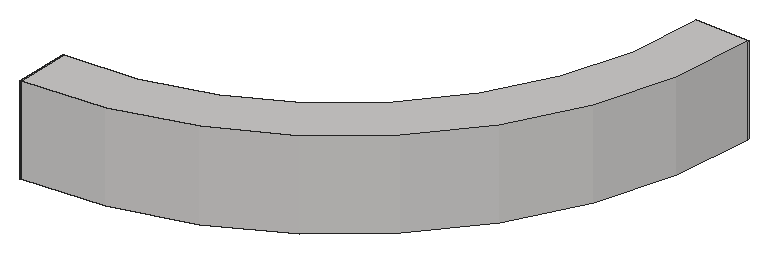
Revit family "S4R_OBO BETTERMANN_CableTray_Bend_Vertical_Inside_RGBV FS", category Cable Tray Fittings, Revit 2012
Parameters
  Wholesaler art.no. = ""
  Wholesaler = ""
  Watermarked By = "www.stabiplan.com"
  WIDTH2 [instance] = WIDTH1  # 100 mm
  WIDTH1 [instance] = 100 mm
  VERSION = "91900"  # constant formula
  URL = "www.stabiplan.com"
  built-in parameter 1140111 [instance] = 2.6 mm
  TYPE [instance] = "RGBV FS"  # constant formula
  StabiCAD_PM = ""
  Safe_Half_Height2 [instance] = if(not([built-in parameter 1140115] > Half_Height2), [built-in parameter 1140115] - 0.2 mm, Half_Height2)  # 30 mm
  Safe_Half_Height1 [instance] = if(not([built-in parameter 1140115] > Half_Height1), [built-in parameter 1140115] - 0.2 mm, Half_Height1)  # 30 mm
  Manufacturer = "OBO BETTERMANN"  # constant formula
  Lmin [instance] = if(LENGTH1 > LENGTH2, LENGTH2, LENGTH1) - 1 mm  # 429 mm
  PRODUCTLINE [instance] = "OBO BETTERMANN CableTrays"  # constant formula
  LENGTH2 [instance] = if(and(WIDTH1 = 100 mm, HEIGHT1 = 60 mm, ANGLE2 = 90.00°), 430 mm, if(and(WIDTH1 = 150 mm, HEIGHT1 = 60 mm, ANGLE2 = 90.00°), 430 mm, if(and(WIDTH1 = 200 mm, HEIGHT1 = 60 mm, ANGLE2 = 90.00°), 430 mm, if(and(WIDTH1 = 300 mm, HEIGHT1 = 60 mm, ANGLE2 = 90.00°), 430 mm, if(and(WIDTH1 = 400 mm, HEIGHT1 = 60 mm, ANGLE2 = 90.00°), 430 mm, if(and(WIDTH1 = 500 mm, HEIGHT1 = 60 mm, ANGLE2 = 90.00°), 430 mm, if(and(WIDTH1 = 600 mm, HEIGHT1 = 60 mm, ANGLE2 = 90.00°), 430 mm, if(and(WIDTH1 = 100 mm, HEIGHT1 = 85 mm, ANGLE2 = 90.00°), 442.5 mm, if(and(WIDTH1 = 150 mm, HEIGHT1 = 85 mm, ANGLE2 = 90.00°), 442.5 mm, if(and(WIDTH1 = 200 mm, HEIGHT1 = 85 mm, ANGLE2 = 90.00°), 442.5 mm, if(and(WIDTH1 = 300 mm, HEIGHT1 = 85 mm, ANGLE2 = 90.00°), 442.5 mm, if(and(WIDTH1 = 400 mm, HEIGHT1 = 85 mm, ANGLE2 = 90.00°), 442.5 mm, if(and(WIDTH1 = 500 mm, HEIGHT1 = 85 mm, ANGLE2 = 90.00°), 442.5 mm, if(and(WIDTH1 = 600 mm, HEIGHT1 = 85 mm, ANGLE2 = 90.00°), 442.5 mm, if(and(WIDTH1 = 100 mm, HEIGHT1 = 110 mm, ANGLE2 = 90.00°), 455 mm, if(and(WIDTH1 = 150 mm, HEIGHT1 = 110 mm, ANGLE2 = 90.00°), 455 mm, if(and(WIDTH1 = 200 mm, HEIGHT1 = 110 mm, ANGLE2 = 90.00°), 455 mm, if(and(WIDTH1 = 300 mm, HEIGHT1 = 110 mm, ANGLE2 = 90.00°), 455 mm, if(and(WIDTH1 = 400 mm, HEIGHT1 = 110 mm, ANGLE2 = 90.00°), 455 mm, if(and(WIDTH1 = 500 mm, HEIGHT1 = 110 mm, ANGLE2 = 90.00°), 455 mm, if(and(WIDTH1 = 600 mm, HEIGHT1 = 110 mm, ANGLE2 = 90.00°), 455 mm, if(and(WIDTH1 = 550 mm, HEIGHT1 = 110 mm, ANGLE2 = 90.00°), 455 mm, WIDTH1))))))))))))))))))))))  # 430 mm
  LENGTH1 [instance] = if(and(WIDTH1 = 100 mm, HEIGHT1 = 60 mm, ANGLE2 = 90.00°), 430 mm, if(and(WIDTH1 = 150 mm, HEIGHT1 = 60 mm, ANGLE2 = 90.00°), 430 mm, if(and(WIDTH1 = 200 mm, HEIGHT1 = 60 mm, ANGLE2 = 90.00°), 430 mm, if(and(WIDTH1 = 300 mm, HEIGHT1 = 60 mm, ANGLE2 = 90.00°), 430 mm, if(and(WIDTH1 = 400 mm, HEIGHT1 = 60 mm, ANGLE2 = 90.00°), 430 mm, if(and(WIDTH1 = 500 mm, HEIGHT1 = 60 mm, ANGLE2 = 90.00°), 430 mm, if(and(WIDTH1 = 600 mm, HEIGHT1 = 60 mm, ANGLE2 = 90.00°), 430 mm, if(and(WIDTH1 = 100 mm, HEIGHT1 = 85 mm, ANGLE2 = 90.00°), 442.5 mm, if(and(WIDTH1 = 150 mm, HEIGHT1 = 85 mm, ANGLE2 = 90.00°), 442.5 mm, if(and(WIDTH1 = 200 mm, HEIGHT1 = 85 mm, ANGLE2 = 90.00°), 442.5 mm, if(and(WIDTH1 = 300 mm, HEIGHT1 = 85 mm, ANGLE2 = 90.00°), 442.5 mm, if(and(WIDTH1 = 400 mm, HEIGHT1 = 85 mm, ANGLE2 = 90.00°), 442.5 mm, if(and(WIDTH1 = 500 mm, HEIGHT1 = 85 mm, ANGLE2 = 90.00°), 442.5 mm, if(and(WIDTH1 = 600 mm, HEIGHT1 = 85 mm, ANGLE2 = 90.00°), 442.5 mm, if(and(WIDTH1 = 100 mm, HEIGHT1 = 110 mm, ANGLE2 = 90.00°), 455 mm, if(and(WIDTH1 = 150 mm, HEIGHT1 = 110 mm, ANGLE2 = 90.00°), 455 mm, if(and(WIDTH1 = 200 mm, HEIGHT1 = 110 mm, ANGLE2 = 90.00°), 455 mm, if(and(WIDTH1 = 300 mm, HEIGHT1 = 110 mm, ANGLE2 = 90.00°), 455 mm, if(and(WIDTH1 = 400 mm, HEIGHT1 = 110 mm, ANGLE2 = 90.00°), 455 mm, if(and(WIDTH1 = 500 mm, HEIGHT1 = 110 mm, ANGLE2 = 90.00°), 455 mm, if(and(WIDTH1 = 600 mm, HEIGHT1 = 110 mm, ANGLE2 = 90.00°), 455 mm, if(and(WIDTH1 = 550 mm, HEIGHT1 = 110 mm, ANGLE2 = 90.00°), 455 mm, WIDTH1))))))))))))))))))))))  # 430 mm
  L2_Tail [instance] = 1 mm  # constant formula
  L1_Tail [instance] = 1 mm  # constant formula
  Internal art.no. = ""
  ISCUSTOM [instance] = if(and(WIDTH1 = 100 mm, HEIGHT1 = 60 mm, ANGLE2 = 90.00°), 1 = 0, if(and(WIDTH1 = 150 mm, HEIGHT1 = 60 mm, ANGLE2 = 90.00°), 1 = 0, if(and(WIDTH1 = 200 mm, HEIGHT1 = 60 mm, ANGLE2 = 90.00°), 1 = 0, if(and(WIDTH1 = 300 mm, HEIGHT1 = 60 mm, ANGLE2 = 90.00°), 1 = 0, if(and(WIDTH1 = 400 mm, HEIGHT1 = 60 mm, ANGLE2 = 90.00°), 1 = 0, if(and(WIDTH1 = 500 mm, HEIGHT1 = 60 mm, ANGLE2 = 90.00°), 1 = 0, if(and(WIDTH1 = 600 mm, HEIGHT1 = 60 mm, ANGLE2 = 90.00°), 1 = 0, if(and(WIDTH1 = 100 mm, HEIGHT1 = 85 mm, ANGLE2 = 90.00°), 1 = 0, if(and(WIDTH1 = 150 mm, HEIGHT1 = 85 mm, ANGLE2 = 90.00°), 1 = 0, if(and(WIDTH1 = 200 mm, HEIGHT1 = 85 mm, ANGLE2 = 90.00°), 1 = 0, if(and(WIDTH1 = 300 mm, HEIGHT1 = 85 mm, ANGLE2 = 90.00°), 1 = 0, if(and(WIDTH1 = 400 mm, HEIGHT1 = 85 mm, ANGLE2 = 90.00°), 1 = 0, if(and(WIDTH1 = 500 mm, HEIGHT1 = 85 mm, ANGLE2 = 90.00°), 1 = 0, if(and(WIDTH1 = 600 mm, HEIGHT1 = 85 mm, ANGLE2 = 90.00°), 1 = 0, if(and(WIDTH1 = 100 mm, HEIGHT1 = 110 mm, ANGLE2 = 90.00°), 1 = 0, if(and(WIDTH1 = 150 mm, HEIGHT1 = 110 mm, ANGLE2 = 90.00°), 1 = 0, if(and(WIDTH1 = 200 mm, HEIGHT1 = 110 mm, ANGLE2 = 90.00°), 1 = 0, if(and(WIDTH1 = 300 mm, HEIGHT1 = 110 mm, ANGLE2 = 90.00°), 1 = 0, if(and(WIDTH1 = 400 mm, HEIGHT1 = 110 mm, ANGLE2 = 90.00°), 1 = 0, if(and(WIDTH1 = 500 mm, HEIGHT1 = 110 mm, ANGLE2 = 90.00°), 1 = 0, if(and(WIDTH1 = 600 mm, HEIGHT1 = 110 mm, ANGLE2 = 90.00°), 1 = 0, if(and(WIDTH1 = 550 mm, HEIGHT1 = 110 mm, ANGLE2 = 90.00°), 1 = 0, 1 = 1))))))))))))))))))))))  # no
  IFCExportType = ""
  IFCExportAs = ""
  Half_Height1 [instance] = HEIGHT1 / 2  # 30 mm
  Half_Height2 [instance] = HEIGHT2 / 2  # 30 mm
  HEIGHT2 [instance] = HEIGHT1  # 60 mm
  HEIGHT1 [instance] = 60 mm
  GTINNUMBER [instance] = if(and(WIDTH1 = 100 mm, HEIGHT1 = 60 mm, ANGLE2 = 90.00°), "4012196217878", if(and(WIDTH1 = 150 mm, HEIGHT1 = 60 mm, ANGLE2 = 90.00°), "4012196500352", if(and(WIDTH1 = 200 mm, HEIGHT1 = 60 mm, ANGLE2 = 90.00°), "4012196217939", if(and(WIDTH1 = 300 mm, HEIGHT1 = 60 mm, ANGLE2 = 90.00°), "4012196217991", if(and(WIDTH1 = 400 mm, HEIGHT1 = 60 mm, ANGLE2 = 90.00°), "4012196218059", if(and(WIDTH1 = 500 mm, HEIGHT1 = 60 mm, ANGLE2 = 90.00°), "4012196218110", if(and(WIDTH1 = 600 mm, HEIGHT1 = 60 mm, ANGLE2 = 90.00°), "4012196218172", if(and(WIDTH1 = 100 mm, HEIGHT1 = 85 mm, ANGLE2 = 90.00°), "4012196218233", if(and(WIDTH1 = 150 mm, HEIGHT1 = 85 mm, ANGLE2 = 90.00°), "4012195995920", if(and(WIDTH1 = 200 mm, HEIGHT1 = 85 mm, ANGLE2 = 90.00°), "4012196218295", if(and(WIDTH1 = 300 mm, HEIGHT1 = 85 mm, ANGLE2 = 90.00°), "4012196218356", if(and(WIDTH1 = 400 mm, HEIGHT1 = 85 mm, ANGLE2 = 90.00°), "4012196218417", if(and(WIDTH1 = 500 mm, HEIGHT1 = 85 mm, ANGLE2 = 90.00°), "4012196218479", if(and(WIDTH1 = 600 mm, HEIGHT1 = 85 mm, ANGLE2 = 90.00°), "4012196218530", if(and(WIDTH1 = 100 mm, HEIGHT1 = 110 mm, ANGLE2 = 90.00°), "4012196218592", if(and(WIDTH1 = 150 mm, HEIGHT1 = 110 mm, ANGLE2 = 90.00°), "4012195995852", if(and(WIDTH1 = 200 mm, HEIGHT1 = 110 mm, ANGLE2 = 90.00°), "4012196218653", if(and(WIDTH1 = 300 mm, HEIGHT1 = 110 mm, ANGLE2 = 90.00°), "4012196218714", if(and(WIDTH1 = 400 mm, HEIGHT1 = 110 mm, ANGLE2 = 90.00°), "4012196218776", if(and(WIDTH1 = 500 mm, HEIGHT1 = 110 mm, ANGLE2 = 90.00°), "4012196218837", if(and(WIDTH1 = 600 mm, HEIGHT1 = 110 mm, ANGLE2 = 90.00°), "4012195995869", if(and(WIDTH1 = 550 mm, HEIGHT1 = 110 mm, ANGLE2 = 90.00°), "4012196218899", "Unknown"))))))))))))))))))))))  # "4012196217878"
  ETIM article class = ""
  Description = "Vertical CableTray Bend Inside"
  DEEPLINK = "http://catalog1.obo-bettermann.com/catalogue/catalogue.do?forward=showProductGroup&act=showIO&favOid=kts_6176&action=showManyProducts&lang=de&OID=kts_6176&catId="
  Copyright = "© Stabiplan BV / Stabiplan International BV"  # constant formula
  CT2 [instance] = 1
  CT1 [instance] = 1
  BodyColor = Steel
  built-in parameter 1140115 [instance] = Lmin / tan(ANGLE2 / 2)  # 429 mm
  ARTICLENUMBER [instance] = if(and(WIDTH1 = 100 mm, HEIGHT1 = 60 mm, ANGLE2 = 90.00°), "7006322", if(and(WIDTH1 = 150 mm, HEIGHT1 = 60 mm, ANGLE2 = 90.00°), "7006330", if(and(WIDTH1 = 200 mm, HEIGHT1 = 60 mm, ANGLE2 = 90.00°), "7006349", if(and(WIDTH1 = 300 mm, HEIGHT1 = 60 mm, ANGLE2 = 90.00°), "7006365", if(and(WIDTH1 = 400 mm, HEIGHT1 = 60 mm, ANGLE2 = 90.00°), "7006381", if(and(WIDTH1 = 500 mm, HEIGHT1 = 60 mm, ANGLE2 = 90.00°), "7006411", if(and(WIDTH1 = 600 mm, HEIGHT1 = 60 mm, ANGLE2 = 90.00°), "7006446", if(and(WIDTH1 = 100 mm, HEIGHT1 = 85 mm, ANGLE2 = 90.00°), "7006462", if(and(WIDTH1 = 150 mm, HEIGHT1 = 85 mm, ANGLE2 = 90.00°), "7006470", if(and(WIDTH1 = 200 mm, HEIGHT1 = 85 mm, ANGLE2 = 90.00°), "7006489", if(and(WIDTH1 = 300 mm, HEIGHT1 = 85 mm, ANGLE2 = 90.00°), "7006500", if(and(WIDTH1 = 400 mm, HEIGHT1 = 85 mm, ANGLE2 = 90.00°), "7006527", if(and(WIDTH1 = 500 mm, HEIGHT1 = 85 mm, ANGLE2 = 90.00°), "7006543", if(and(WIDTH1 = 600 mm, HEIGHT1 = 85 mm, ANGLE2 = 90.00°), "7006578", if(and(WIDTH1 = 100 mm, HEIGHT1 = 110 mm, ANGLE2 = 90.00°), "7006624", if(and(WIDTH1 = 150 mm, HEIGHT1 = 110 mm, ANGLE2 = 90.00°), "7006632", if(and(WIDTH1 = 200 mm, HEIGHT1 = 110 mm, ANGLE2 = 90.00°), "7006640", if(and(WIDTH1 = 300 mm, HEIGHT1 = 110 mm, ANGLE2 = 90.00°), "7006667", if(and(WIDTH1 = 400 mm, HEIGHT1 = 110 mm, ANGLE2 = 90.00°), "7006683", if(and(WIDTH1 = 500 mm, HEIGHT1 = 110 mm, ANGLE2 = 90.00°), "7006705", if(and(WIDTH1 = 600 mm, HEIGHT1 = 110 mm, ANGLE2 = 90.00°), "7006717", if(and(WIDTH1 = 550 mm, HEIGHT1 = 110 mm, ANGLE2 = 90.00°), "7006713", "Unknown"))))))))))))))))))))))  # "7006322"
  ARTICLEDESCRIPTION [instance] = "Vertical CableTray Bend Inside"
  ANGLE2 [instance] = 90.00°  # constant formula
Reference planes
  plane 1 "Center (Front/Back)": y = 0
  plane 2: z = 0
  plane 3 "Center (Left/Right)": x = 0
  plane 4: y = 429
  plane 5: x = -429
Forms (mm)
  Sweep 1, solid, material "Steel" <- "BodyColor", detail levels medium
    path in 3D
      loop
        line (-429, 0, 0) -> (-430, 0, 0)
    profile origin (-429.5, 0, 0) x (0, -1, 0) y (0, 0, 1)
      loop
        line (-30, 50) -> (-30, -50) -> (30, -50) -> (30, 50) -> (-30, 50)
  Sweep 2, solid, material "Steel" <- "BodyColor", detail levels medium
    path in 3D
      loop
        line (0, 429, 0) -> (0, 430, 0)
    profile origin (0, 429.5, 0) x (-1, 0, 0) y (0, 0, 1)
      loop
        line (30, -50) -> (30, 50) -> (-30, 50) -> (-30, -50) -> (30, -50)
  SweptBlend 3, solid, material "Steel" <- "BodyColor", detail levels medium
    path in 3D
      loop
        arc (-429, 0, 0) -> (-125.651, 125.651, 0) -> (0, 429, 0) r 429
    profile origin (-429, 0, 0) x (0, 1, 0) y (0, 0, 1)
      loop
        line (30, 50) -> (-30, 50) -> (-30, -50) -> (30, -50) -> (30, 50)
    end profile origin (0, 429, 0) x (-1, 0, 0) y (0, 0, 1)
      loop
        line (30, 50) -> (-30, 50) -> (-30, -50) -> (30, -50) -> (30, 50)
  Sweep 4, solid, material "Steel" <- "BodyColor", detail levels fine
    path in 3D
      loop
        line (-429, 0, 0) -> (-430, 0, 0)
    profile origin (-429.5, 0, 0) x (0, -1, 0) y (0, 0, 1)
      loop
        line (30, 50) -> (-30, 50) -> (-30, 47.4) -> (27.4, 47.4) -> (27.4, -47.4) -> (-30, -47.4) -> (-30, -50) -> (30, -50) -> (30, 50)
  Sweep 5, solid, material "Steel" <- "BodyColor", detail levels fine
    path in 3D
      loop
        line (0, 429, 0) -> (0, 430, 0)
    profile origin (0, 429.5, 0) x (-1, 0, 0) y (0, 0, 1)
      loop
        line (-30, 50) -> (-30, -50) -> (30, -50) -> (30, -47.4) -> (-27.4, -47.4) -> (-27.4, 47.4) -> (30, 47.4) -> (30, 50) -> (-30, 50)
  SweptBlend 6, solid, material "Steel" <- "BodyColor", detail levels fine
    path in 3D
      loop
        arc (-429, 0, 0) -> (-125.651, 125.651, 0) -> (0, 429, 0) r 429
    profile origin (-429, 0, 0) x (0, 1, 0) y (0, 0, 1)
      loop
        line (-30, 50) -> (-30, -50) -> (30, -50) -> (30, -47.4) -> (-27.4, -47.4) -> (-27.4, 47.4) -> (30, 47.4) -> (30, 50) -> (-30, 50)
    end profile origin (0, 429, 0) x (-1, 0, 0) y (0, 0, 1)
      loop
        line (-30, 50) -> (-30, -50) -> (30, -50) -> (30, -47.4) -> (-27.4, -47.4) -> (-27.4, 47.4) -> (30, 47.4) -> (30, 50) -> (-30, 50)
Cuts and joins
  joined: Sweep 5, SweptBlend 6
  joined: Sweep 1, Sweep 2, SweptBlend 3
Lines and regions (mm)
  reference lines
    curve 1: line (-429, 429, 0) -> (-429, 0, 0)
    curve 2: line (-429, 0, 0) -> (0, 0, 0)
    curve 3: line (0, 0, 0) -> (0, 429, 0)
    curve 4: line (0, 429, 0) -> (-429, 429, 0)
    curve 5: arc (-429, 0, 0) -> (-125.651, 125.651, 0) -> (0, 429, 0) r 429
    curve 6: line (-429, 0, 0) -> (-430, 0, 0)
    curve 7: line (0, 429, 0) -> (0, 430, 0)
  model lines, style "Coarse", detail levels coarse
    curve 8: line (-429, 0, 0) -> (-430, 0, 0)
    curve 9: arc (-429, 0, 0) -> (-125.651, 125.651, 0) -> (0, 429, 0) r 429
    curve 10: line (0, 429, 0) -> (0, 430, 0)
  sketch lines
    curve 11: line (-429, 0, 0) -> (-430, 0, 0)
    curve 12: line (0, 429, 0) -> (0, 430, 0)
    curve 13: arc (-429, 0, 0) -> (-125.651, 125.651, 0) -> (0, 429, 0) r 429
    curve 14: line (-429, 0, 0) -> (-430, 0, 0)
    curve 15: line (0, 429, 0) -> (0, 430, 0)
    curve 16: arc (-429, 0, 0) -> (-125.651, 125.651, 0) -> (0, 429, 0) r 429
Dimensions and locks
  "Lmin": plane 5 to plane 3 "Center (Left/Right)"
  "built-in parameter 1140115": plane 4 to plane 1 "Center (Front/Back)"
  "built-in parameter 1140115": curve 4 to curve 4
  "built-in parameter 1140115": plane 1 "Center (Front/Back)" to curve 1
  "L1_Tail": curve 6 to curve 6
  "L2_Tail": curve 7 to curve 7
  "L1_Tail": curve 8 to curve 8
  "L2_Tail": curve 10 to curve 10
  equal spacing: Sweep 1 sketch curve, profile plane, Sweep 1 sketch curve  (x2)
  "HEIGHT1": Sweep 1 sketch curve to Sweep 1 sketch curve
  "WIDTH1": Sweep 1 sketch curve to Sweep 1 sketch curve
  equal spacing: Sweep 2 sketch curve, profile plane, Sweep 2 sketch curve  (x2)
  "HEIGHT2": Sweep 2 sketch curve to Sweep 2 sketch curve
  "WIDTH2": Sweep 2 sketch curve to Sweep 2 sketch curve
  equal spacing: SweptBlend 3 sketch curve, profile plane, SweptBlend 3 sketch curve  (x2)
  "WIDTH1": SweptBlend 3 sketch curve to SweptBlend 3 sketch curve
  "WIDTH2": SweptBlend 3 sketch curve to SweptBlend 3 sketch curve
  equal spacing: Sweep 4 sketch curve, profile plane, Sweep 4 sketch curve  (x3)
  "WIDTH1": Sweep 4 sketch curve to Sweep 4 sketch curve
  "built-in parameter 1140111": Sweep 4 sketch curve to Sweep 4 sketch curve  (x3)
  equal spacing: Sweep 5 sketch curve, profile plane, Sweep 5 sketch curve  (x3)
  "WIDTH2": Sweep 5 sketch curve to Sweep 5 sketch curve
  "built-in parameter 1140111": Sweep 5 sketch curve to Sweep 5 sketch curve  (x3)
  "built-in parameter 1140111": SweptBlend 6 sketch curve to SweptBlend 6 sketch curve  (x6)
  equal spacing: SweptBlend 6 sketch curve, profile plane, SweptBlend 6 sketch curve  (x2)
  "WIDTH1": SweptBlend 6 sketch curve to SweptBlend 6 sketch curve
  "WIDTH2": SweptBlend 6 sketch curve to SweptBlend 6 sketch curve
  "HEIGHT2": Sweep 5 sketch curve to Sweep 5 sketch curve
  "HEIGHT1": Sweep 4 sketch curve to Sweep 4 sketch curve
  "Half_Height1": SweptBlend 3 sketch curve to profile plane
  "Safe_Half_Height1": profile plane to SweptBlend 3 sketch curve
  "Half_Height2": profile plane to SweptBlend 3 sketch curve
  "Safe_Half_Height2": SweptBlend 3 sketch curve to profile plane
  "Safe_Half_Height1": profile plane to SweptBlend 6 sketch curve  (x2)
  "Half_Height1": SweptBlend 6 sketch curve to profile plane
  "Safe_Half_Height2": SweptBlend 6 sketch curve to profile plane  (x2)
  "Half_Height2": profile plane to SweptBlend 6 sketch curve
  "built-in parameter 1140115": radius of curve 5
  "ANGLE2": angle plane 5 to curve 4
  locked: curve 7 to curve 4 (angle 90.00°)
  "ANGLE2": angle curve 9 to curve 9
  locked: curve 10 to curve 4 (angle 90.00°)
  aligned and locked: level to plane 2
  aligned and locked: plane 1 "Center (Front/Back)" to curve 2  (x2)
  aligned and locked: plane 3 "Center (Left/Right)" to curve 2
  aligned and locked: curve 1 to plane 5
  aligned and locked: curve 9 to curve 5
Connectors
  cabletrayconduit at (-430, 0, 0), driven by "WIDTH1", driven by "HEIGHT1", driven by "ANGLE2"
    settings: on Sweep 1, index 1, connector width 60 mm, connector height 100 mm, connector radius 300 mm, connector angle 90.00°, system type 32, placement type 0, profile type 1, connector reference index 2, is primary connector yes, connector utility param no, connector description ""
  cabletrayconduit at (0, 430, 0), driven by "ANGLE2", driven by "WIDTH2", driven by "HEIGHT2"
    settings: on Sweep 2, index 2, connector width 60 mm, connector height 100 mm, connector radius 300 mm, connector angle 90.00°, system type 32, placement type 0, profile type 1, connector reference index 1, is primary connector no, connector utility param no, connector description ""
